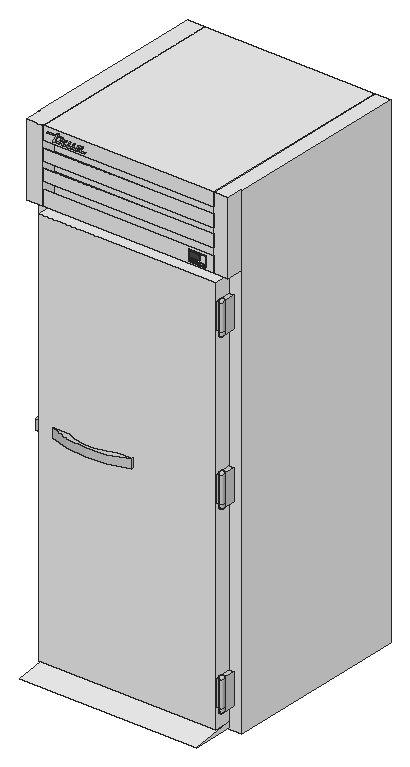
Revit family
Parameters
  Weight in Pounds = 0
  Watts = Volts * FL Amps  # 1023.5 W
  Volts = 115 V
  URL Cutsheet = "www.truemfg.com"
  URL = "www.truemfg.com"
  Type Mark [instance] = ""
  Type Comments = ""
  Status [instance] = ""
  Specification by User [instance] = ""
  Specification by Manufacturer = ""
  Show Logo [instance] = yes
  Show Clearance [instance] = yes
  Serial Number = ""
  Seismic Rating = ""
  SMACNA No = ""
  Revision Code [instance] = ""
  Phase = 1
  Omniclass Number and Title = ""
  Number of Poles [instance] = 1
  NAFEM Spec ID Number = ""
  Model = "STA1RRI-1S"
  Min Ckt Ampacity = 0 A
  Max Overcurrent Protection = 0 A
  Masterspec = ""
  Manufacturer = "TRUE FOOD SERVICE EQUIPMENT, INC."
  Length = 35"
  Item Number [instance] = ""
  Installed By [instance] = ""
  Identify Quantity as Lot [instance] = yes
  Height = 83 3/4"
  HP = "1/3"
  Furnished By [instance] = ""
  Foodservice Equipment Identifier [instance] = yes
  FL Amps = 8.9 A
  Electrical Remarks [instance] = ""
  Electric Connection Type [instance] = ""
  Elec Conn RI Height [instance] = 0"
  Elec Conn Connection Height [instance] = 0"
  Description = "Roll-in Solid Swing Door Refrigerator"
  Depth = 34 3/4"
  Cycle = 60 Hz
  Conn Plug = "5-15P"
  Conn Conduit = yes
  CSI MasterFormat = ""
  CSI Master Format = ""
  Apparent Power = if(Phase = 3, Volts * FL Amps * 1.73, Volts * FL Amps)  # 1023.5 VA
Reference planes (in)
  plane 1 "BACK": y = 0
  plane 2: z = 0
  plane 3 "LEFT": x = 0
  plane 4 "RIGHT": x = 35
  plane 5 "FRONT": y = -34.75
  plane 6 "TOP": z = 83.75
  plane 7: x = 2.84375
  plane 8: y = -34.7042
  plane 9: x = 32.15625
  plane 10: z = 69.90625
Forms (in)
  Extrusion 1, solid, material "QF_Finishes_Chrome - Satin"
    sketch origin (0.05, 0, 0) x (1, 0, 0) y (0, 1, 0)
      loop
        line (-0.05, 0) -> (-0.05, -32) -> (2.87859, -32) -> (2.87859, 0) -> (-0.05, 0)
    from 0 to 83.75
  Extrusion 2, solid, material "QF_Finishes_Chrome - Satin"
    sketch origin (50.15, 0, 0) x (1, 0, 0) y (0, 1, 0)
      loop
        line (-17.85, 0) -> (-17.85, -32) -> (-15.15, -32) -> (-15.15, 0) -> (-17.85, 0)
    from 0 to 83.75
  Extrusion 3, solid, material "QF_Finishes_Chrome - Satin"
    sketch origin (0, 0, 0) x (0, 1, 0) y (0, 0, 1)
      loop
        line (-34.7042, 71.28125) -> (-32, 71.28125) -> (-32, 0) -> (0, 0) -> (0, 83.75) -> (-34.7042, 83.75) -> (-34.7042, 81.46828) -> (-32.5, 79.90102) -> (-32.5, 78.77875) -> (-34.7042, 80.34601) -> (-34.7042, 78.2123) -> (-32.5, 76.64504) -> (-32.5, 75.68428) -> (-34.7042, 77.25154) -> (-34.7042, 75.15534) -> (-32.5, 73.58807) -> (-32.5, 72.3125) -> (-34.7042, 73.87976) -> (-34.7042, 71.28125)
    from 2.92859 to 32.3
  Extrusion 4, solid, material "QF_Finishes_Chrome - Satin"
    sketch origin (0, 0, 0) x (1, 0, 0) y (0, 1, 0)
      loop
        line (34.84782, -32) -> (32.3, -32) -> (32.3, -34.75) -> (34.84782, -34.75) -> (34.84782, -32)
    from 71.28125 to 83.75
  Extrusion 5, solid, material "QF_Finishes_Chrome - Satin"
    sketch origin (-50.125, 0, 0.25) x (1, 0, 0) y (0, 1, 0)
      loop
        line (53.05359, -32) -> (50.24109, -32) -> (50.24109, -34.75) -> (53.05359, -34.75) -> (53.05359, -32)
    from 71.03125 to 83.5
  Extrusion 6, solid, material "QF_Finishes_Chrome - Satin"
    sketch origin (-24.96875, -1, -0.71875) x (1, 0, 0) y (0, 0, 1)
      loop
        line (27.25, 1.71875) -> (57.65625, 1.71875) -> (57.65625, 70.625) -> (27.25, 70.625) -> (27.25, 1.71875)
    from 31 to 33.75
  Extrusion 7, solid, material "QF_Finishes_Handrails and Railings"
    sketch origin (58.625, -0.25, 25.43519) x (1, 0, 0) y (0, 1, 0)
      loop
        line (-53.875, -34.5) -> (-53.875, -34.7)
        arc (-53.875, -34.7) -> (-47.075, -36.14405) -> (-40.275, -34.7) r 16.7325
        line (-40.275, -34.7) -> (-40.275, -34.5) -> (-42.675, -34.5)
        arc (-42.675, -34.5) -> (-47.075, -35.65816) -> (-51.475, -34.5) r 8.93715
        line (-51.475, -34.5) -> (-53.875, -34.5)
    from 10.87731 to 12.37731
  Extrusion 8, solid, material "QF_Finishes_Handrails and Railings"
    sketch origin (-23.375, 0, -3) x (1, 0, 0) y (0, 0, 1)
      loop
        circle (26.4375, 40.0625) r 0.35
      loop
        line (26.47265, 40.33635) -> (26.41715, 40.33635) -> (26.41715, 39.76895) -> (26.47265, 39.76895) -> (26.47265, 40.33635)
    from 33.5 to 33.83066
  Extrusion 9, solid, material "QF_Finishes_Handrails and Railings", visible <- "Show Logo"
    sketch origin (0.33478, 0.06376, 5.01857) x (1, 0, 0) y (0, 0, 1)
      loop
        line (3.46044, 78.08731) -> (3.35478, 77.86073) -> (4.76027, 77.86073)
        arc (4.76027, 77.86073) -> (4.78879, 77.81028) -> (4.76027, 77.75984) r 0.05887
        line (4.76027, 77.75984) -> (4.39369, 76.97372)
        arc (4.39369, 76.97372) -> (4.39051, 76.90091) -> (4.43975, 76.84717) r 0.09523
        line (4.43975, 76.84717) -> (5.33844, 76.84717)
        arc (5.33844, 76.84717) -> (5.45192, 76.88295) -> (5.52436, 76.97735) r 0.19785
        line (5.52436, 76.97735) -> (5.81285, 77.59601) -> (6.0779, 77.59601)
        arc (6.0779, 77.59601) -> (6.14744, 77.57043) -> (6.13737, 77.49703) r 0.05911
        line (6.13737, 77.49703) -> (5.89598, 76.97937)
        arc (5.89598, 76.97937) -> (5.89974, 76.8934) -> (5.97231, 76.84717) r 0.09318
        line (5.97231, 76.84717) -> (6.76198, 76.84717)
        arc (6.76198, 76.84717) -> (6.82249, 76.86919) -> (6.85468, 76.92495) r 0.09412
        arc (6.85468, 76.92495) -> (6.87746, 76.86995) -> (6.93246, 76.84717) r 0.07778
        line (6.93246, 76.84717) -> (7.43246, 76.84717)
        arc (7.43246, 76.84717) -> (7.49022, 76.86265) -> (7.53251, 76.90493) r 0.11552
        arc (7.53251, 76.90493) -> (7.55275, 76.85606) -> (7.60162, 76.83581) r 0.06912
        line (7.60162, 76.83581) -> (8.31225, 76.83581)
        arc (8.31225, 76.83581) -> (8.37034, 76.85988) -> (8.39441, 76.91797) r 0.08216
        arc (8.39441, 76.91797) -> (8.44767, 76.86472) -> (8.52042, 76.84522) r 0.14551
        line (8.52042, 76.84522) -> (9.85158, 76.84522) -> (9.99946, 77.10134) -> (8.65678, 77.10134)
        arc (8.65678, 77.10134) -> (8.61972, 77.12704) -> (8.61834, 77.17211) r 0.05009
        line (8.61834, 77.17211) -> (8.64157, 77.22192)
        arc (8.64157, 77.22192) -> (8.67723, 77.26864) -> (8.73327, 77.28635) r 0.09747
        line (8.73327, 77.28635) -> (9.16485, 77.28635)
        arc (9.16485, 77.28635) -> (9.258, 77.31131) -> (9.32619, 77.3795) r 0.1863
        line (9.32619, 77.3795) -> (9.45119, 77.59601)
        arc (9.45119, 77.59601) -> (9.45119, 77.71157) -> (9.35111, 77.76934) r 0.11556
        line (9.35111, 77.76934) -> (8.89562, 77.76934)
        arc (8.89562, 77.76934) -> (8.7795, 77.74962) -> (8.69849, 77.66412) r 0.18605
        line (8.69849, 77.66412) -> (8.48204, 77.19993)
        arc (8.48204, 77.19993) -> (8.41815, 77.11667) -> (8.31806, 77.08511) r 0.1745
        line (8.31806, 77.08511) -> (7.84559, 77.08511)
        arc (7.84559, 77.08511) -> (7.78903, 77.14684) -> (7.79268, 77.23048) r 0.10939
        line (7.79268, 77.23048) -> (8.04395, 77.76934) -> (7.88403, 77.76934) -> (7.61781, 77.19844)
        arc (7.61781, 77.19844) -> (7.56609, 77.13103) -> (7.48505, 77.10548) r 0.14128
        line (7.48505, 77.10548) -> (7.15925, 77.10548)
        arc (7.15925, 77.10548) -> (7.10419, 77.17723) -> (7.116, 77.26689) r 0.11816
        line (7.116, 77.26689) -> (7.3503, 77.76934) -> (7.18514, 77.76934) -> (6.91546, 77.191)
        arc (6.91546, 77.191) -> (6.85285, 77.12839) -> (6.76733, 77.10548) r 0.17104
        line (6.76733, 77.10548) -> (6.29555, 77.10548)
        arc (6.29555, 77.10548) -> (6.21082, 77.14499) -> (6.20267, 77.23813) r 0.0935
        line (6.20267, 77.23813) -> (6.35774, 77.57069) -> (6.57695, 77.57069)
        arc (6.57695, 77.57069) -> (6.61395, 77.68217) -> (6.69267, 77.76934) r 0.2857
        line (6.69267, 77.76934) -> (5.83605, 77.76934)
        arc (5.83605, 77.76934) -> (5.74086, 77.74824) -> (5.67498, 77.67635) r 0.16212
        line (5.67498, 77.67635) -> (5.44279, 77.17841)
        arc (5.44279, 77.17841) -> (5.3894, 77.12502) -> (5.31647, 77.10548) r 0.14586
        line (5.31647, 77.10548) -> (4.80506, 77.10548)
        arc (4.80506, 77.10548) -> (4.76514, 77.15942) -> (4.77274, 77.22609) r 0.09155
        line (4.77274, 77.22609) -> (5.11018, 77.86073) -> (5.96155, 77.86073) -> (6.06721, 78.08731) -> (5.21584, 78.08731) -> (5.32149, 78.31388) -> (5.01862, 78.31388) -> (4.91297, 78.08731) -> (3.46044, 78.08731)
      loop
        arc (8.83805, 77.56363) -> (8.80119, 77.55375) -> (8.7742, 77.52676) r 0.07373
        line (8.7742, 77.52676) -> (8.75229, 77.45936)
        arc (8.75229, 77.45936) -> (8.76245, 77.43483) -> (8.78699, 77.42466) r 0.0347
        line (8.78699, 77.42466) -> (9.15948, 77.42466)
        arc (9.15948, 77.42466) -> (9.18632, 77.43061) -> (9.20812, 77.44734) r 0.0635
        line (9.20812, 77.44734) -> (9.22624, 77.53122)
        arc (9.22624, 77.53122) -> (9.22091, 77.55368) -> (9.20009, 77.56363) r 0.02676
        line (9.20009, 77.56363) -> (8.83805, 77.56363)
    from 34.76797 to 34.83173
  Extrusion 10, solid, material "QF_Finishes_White"
    sketch origin (-22.74812, 0.0458, -7.91247) x (1, 0, 0) y (0, 0, 1)
      loop
        line (50.81732, 81.35727) -> (50.81732, 79.60996) -> (53.72357, 79.60996) -> (53.72357, 81.35727) -> (50.81732, 81.35727)
    from 34.75 to 34.76797
  Extrusion 11, solid, material "QF_Finishes_Black"
    sketch origin (-22.74812, 0.0458, -7.91247) x (1, 0, 0) y (0, 0, 1)
      loop
        line (53.78607, 81.41977) -> (50.75482, 81.41977) -> (50.75482, 79.54746) -> (53.78607, 79.54746) -> (53.78607, 81.41977)
      loop
        spline (50.95482, 79.87872) -> (50.96333, 79.86254) -> (50.98831, 79.84747) -> (51.02804, 79.83452) -> (51.07982, 79.82459) -> (51.14011, 79.81835) -> (51.20482, 79.81622) -> (51.26952, 79.81835) -> (51.32982, 79.82459) -> (51.38159, 79.83452) -> (51.42132, 79.84747) -> (51.4463, 79.86254) -> (51.45482, 79.87872)
        spline (51.45482, 79.87872) -> (51.4463, 79.89489) -> (51.42132, 79.90997) -> (51.38159, 79.92291) -> (51.32982, 79.93284) -> (51.26952, 79.93909) -> (51.20482, 79.94122) -> (51.14011, 79.93909) -> (51.07982, 79.93284) -> (51.02804, 79.92291) -> (50.98831, 79.90997) -> (50.96333, 79.89489) -> (50.95482, 79.87872)
      loop
        spline (51.65083, 79.87872) -> (51.65935, 79.86254) -> (51.68432, 79.84747) -> (51.72405, 79.83452) -> (51.77583, 79.82459) -> (51.83612, 79.81835) -> (51.90083, 79.81622) -> (51.96553, 79.81835) -> (52.02583, 79.82459) -> (52.07761, 79.83452) -> (52.11734, 79.84747) -> (52.14231, 79.86254) -> (52.15083, 79.87872)
        spline (52.15083, 79.87872) -> (52.14231, 79.89489) -> (52.11734, 79.90997) -> (52.07761, 79.92291) -> (52.02583, 79.93284) -> (51.96553, 79.93909) -> (51.90083, 79.94122) -> (51.83612, 79.93909) -> (51.77583, 79.93284) -> (51.72405, 79.92291) -> (51.68432, 79.90997) -> (51.65935, 79.89489) -> (51.65083, 79.87872)
      loop
        spline (52.40083, 79.87872) -> (52.40935, 79.86254) -> (52.43432, 79.84747) -> (52.47405, 79.83452) -> (52.52583, 79.82459) -> (52.58612, 79.81835) -> (52.65083, 79.81622) -> (52.71553, 79.81835) -> (52.77583, 79.82459) -> (52.82761, 79.83452) -> (52.86734, 79.84747) -> (52.89231, 79.86254) -> (52.90083, 79.87872)
        spline (52.90083, 79.87872) -> (52.89231, 79.89489) -> (52.86734, 79.90997) -> (52.82761, 79.92291) -> (52.77583, 79.93284) -> (52.71553, 79.93909) -> (52.65083, 79.94122) -> (52.58612, 79.93909) -> (52.52583, 79.93284) -> (52.47405, 79.92291) -> (52.43432, 79.90997) -> (52.40935, 79.89489) -> (52.40083, 79.87872)
      loop
        line (50.95481, 81.21978) -> (50.95481, 80.21978) -> (52.65433, 80.21978) -> (52.65433, 81.21978) -> (50.95481, 81.21978)
      loop
        line (53.72357, 81.35727) -> (50.81732, 81.35727) -> (50.81732, 79.60996) -> (53.72357, 79.60996) -> (53.72357, 81.35727)
      loop
        spline (53.15083, 79.87872) -> (53.15935, 79.86254) -> (53.18432, 79.84747) -> (53.22405, 79.83452) -> (53.27583, 79.82459) -> (53.33612, 79.81835) -> (53.40083, 79.81622) -> (53.46553, 79.81835) -> (53.52583, 79.82459) -> (53.57761, 79.83452) -> (53.61734, 79.84747) -> (53.64231, 79.86254) -> (53.65083, 79.87872)
        spline (53.65083, 79.87872) -> (53.64231, 79.89489) -> (53.61734, 79.90997) -> (53.57761, 79.92291) -> (53.52583, 79.93284) -> (53.46553, 79.93909) -> (53.40083, 79.94122) -> (53.33612, 79.93909) -> (53.27583, 79.93284) -> (53.22405, 79.92291) -> (53.18432, 79.90997) -> (53.15935, 79.89489) -> (53.15083, 79.87872)
    from 34.76797 to 34.80335
  Extrusion 12, solid
    sketch origin (-25.125, 0, 0) x (1, 0, 0) y (0, 0, 1)
      loop
        circle (56.875, 81.625) r 0.25
    from 0 to 0.0625
  Blend 13, solid, material "QF_Finishes_Handrails and Railings"
    base sketch origin (27.53125, -1, -1) x (-1, 0, 0) y (0, 0, -1)
      loop
        line (25.25, -38.99169) -> (26, -38.99169) -> (26, -37.24169) -> (25.25, -37.24169) -> (25.25, -38.99169)
    top sketch origin (27.53125, 0, -1) x (-1, 0, 0) y (0, 0, -1)
      loop
        line (26.18223, -36.6441) -> (25.25, -36.6441) -> (25.25, -39.42643) -> (26.18223, -39.42643) -> (26.18223, -36.6441)
    from 33.57883 to 32
  Extrusion 14, solid, material "QF_Finishes_Handrails and Railings"
    sketch origin (33.78125, 0, 3) x (0, 1, 0) y (0, 0, -1)
      loop
        line (-32, -64.17729) -> (-32, -58.86127) -> (-34.25, -58.86127) -> (-34.25, -59.57348) -> (-33.81497, -59.57348) -> (-33.81497, -63.97276)
        arc (-33.81497, -63.97276) -> (-33.75506, -64.11738) -> (-33.61044, -64.17729) r 0.20453
        line (-33.61044, -64.17729) -> (-32, -64.17729)
    from 0.17506 to 1
  Revolve 15, solid, material "QF_Finishes_Handrails and Railings"
    sketch origin (33.28125, 0, 3) x (0, 1, 0) y (0, 0, -1)
      loop
        line (-34.26563, -59.62689) -> (-34.67229, -59.62689) -> (-34.67229, -64.0986)
        arc (-34.67229, -64.0986) -> (-34.53722, -64.35057) -> (-34.26563, -64.43983) r 0.3848
        line (-34.26563, -64.43983) -> (-34.26563, -59.62689)
      loop
        line (-34.26563, -59.57348) -> (-34.26563, -58.67281)
        arc (-34.26563, -58.67281) -> (-34.53264, -58.75883) -> (-34.67229, -59.00212) r 0.38884
        line (-34.67229, -59.00212) -> (-34.67229, -59.57348) -> (-34.26563, -59.57348)
      axis (-34.26563, -58.67281) -> (-34.26563, -64.43983)
    angle from 0 to 360
  Extrusion 16, solid, material "QF_Finishes_Handrails and Railings"
    sketch origin (27.5, -1.07734, 3.0011) x (-1, 0, 0) y (0, 0, -1)
      loop
        line (-5.58509, -64.0986) -> (-5.1875, -64.0986) -> (-5.1875, -59.62579) -> (-5.58509, -59.62579) -> (-5.58509, -64.0986)
    from 32.81497 to 33.59495
  Extrusion 17, solid, material "QF_Finishes_Handrails and Railings"
    sketch origin (33.78125, 0, -24) x (0, 1, 0) y (0, 0, -1)
      loop
        line (-32, -64.55229) -> (-32, -59.23627) -> (-34.25, -59.23627) -> (-34.25, -59.94848) -> (-33.81497, -59.94848) -> (-33.81497, -64.34776)
        arc (-33.81497, -64.34776) -> (-33.75506, -64.49238) -> (-33.61044, -64.55229) r 0.20453
        line (-33.61044, -64.55229) -> (-32, -64.55229)
    from 0.17506 to 1
  Revolve 18, solid, material "QF_Finishes_Handrails and Railings"
    sketch origin (33.28125, 0, -24) x (0, 1, 0) y (0, 0, -1)
      loop
        line (-34.26563, -60.00189) -> (-34.67229, -60.00189) -> (-34.67229, -64.4736)
        arc (-34.67229, -64.4736) -> (-34.53722, -64.72557) -> (-34.26563, -64.81483) r 0.3848
        line (-34.26563, -64.81483) -> (-34.26563, -60.00189)
      loop
        line (-34.26563, -59.94848) -> (-34.26563, -59.04781)
        arc (-34.26563, -59.04781) -> (-34.53264, -59.13383) -> (-34.67229, -59.37712) r 0.38884
        line (-34.67229, -59.37712) -> (-34.67229, -59.94848) -> (-34.26563, -59.94848)
      axis (-34.26563, -59.04781) -> (-34.26563, -64.81483)
    angle from 0 to 360
  Extrusion 19, solid, material "QF_Finishes_Handrails and Railings"
    sketch origin (27.5, -1.07734, -23.9989) x (-1, 0, 0) y (0, 0, -1)
      loop
        line (-5.58509, -64.4736) -> (-5.1875, -64.4736) -> (-5.1875, -60.00079) -> (-5.58509, -60.00079) -> (-5.58509, -64.4736)
    from 32.81497 to 33.59495
  Extrusion 20, solid, material "QF_Finishes_Handrails and Railings"
    sketch origin (33.78125, 0, -55.5) x (0, 1, 0) y (0, 0, -1)
      loop
        line (-32, -64.55229) -> (-32, -59.23627) -> (-34.25, -59.23627) -> (-34.25, -59.94848) -> (-33.81497, -59.94848) -> (-33.81497, -64.34776)
        arc (-33.81497, -64.34776) -> (-33.75506, -64.49238) -> (-33.61044, -64.55229) r 0.20453
        line (-33.61044, -64.55229) -> (-32, -64.55229)
    from 0.17506 to 1
  Revolve 21, solid, material "QF_Finishes_Handrails and Railings"
    sketch origin (33.28125, 0, -55.5) x (0, 1, 0) y (0, 0, -1)
      loop
        line (-34.26563, -60.00189) -> (-34.67229, -60.00189) -> (-34.67229, -64.4736)
        arc (-34.67229, -64.4736) -> (-34.53722, -64.72557) -> (-34.26563, -64.81483) r 0.3848
        line (-34.26563, -64.81483) -> (-34.26563, -60.00189)
      loop
        line (-34.26563, -59.94848) -> (-34.26563, -59.04781)
        arc (-34.26563, -59.04781) -> (-34.53264, -59.13383) -> (-34.67229, -59.37712) r 0.38884
        line (-34.67229, -59.37712) -> (-34.67229, -59.94848) -> (-34.26563, -59.94848)
      axis (-34.26563, -59.04781) -> (-34.26563, -64.81483)
    angle from 0 to 360
  Extrusion 22, solid, material "QF_Finishes_Handrails and Railings"
    sketch origin (27.5, -1.07734, -55.4989) x (-1, 0, 0) y (0, 0, -1)
      loop
        line (-5.58509, -64.4736) -> (-5.1875, -64.4736) -> (-5.1875, -60.00079) -> (-5.58509, -60.00079) -> (-5.58509, -64.4736)
    from 32.81497 to 33.59495
  Extrusion 23, solid, material "QF_Finishes_Door Clearance", visible <- "Show Clearance", detail levels coarse
    sketch origin (26.42841, -3.6098, 0) x (1, 0, 0) y (0, 1, 0)
      loop
        line (6.25909, -31.1402) -> (-24.14716, -31.1402)
        arc (-24.14716, -31.1402) -> (-15.24138, -52.64067) -> (6.25909, -61.54645) r 30.40625
        line (6.25909, -61.54645) -> (6.25909, -31.1402)
    from 1 to 69.90625
  Extrusion 24, solid, material "QF_Finishes_Chrome - Satin"
    sketch origin (32.6875, -1, 8.03125) x (0, 0, 1) y (0, -1, 0)
      loop
        line (-8.03125, 37.875) -> (-8.03125, 31) -> (-7.03125, 31) -> (-8.03125, 37.875)
    from 0 to -30.40625
Cuts and joins
  joined: Extrusion 1, Extrusion 2, Extrusion 4, Extrusion 5
Lines and regions (in)
  symbolic lines
    curve 1: line (0, 0, 0) -> (35, 0, 0)
    curve 2: line (0, -34.75, 0) -> (0, 0, 0)
    curve 3: line (35, -34.75, 0) -> (0, -34.75, 0)
    curve 4: line (35, 0, 0) -> (35, -34.75, 0)
    curve 5: line (35, -32.5, 0) -> (0, -32.5, 0)
    curve 6: arc (15.95746, -34.75, 0) -> (11.55746, -35.90816, 0) -> (7.15746, -34.75, 0) r 8.93715
    curve 7: arc (4.75746, -34.95, 0) -> (11.55746, -36.39405, 0) -> (18.35746, -34.95, 0) r 16.7325
    curve 8: line (4.75746, -34.75, 0) -> (4.75746, -34.95, 0)
    curve 9: line (18.35746, -34.95, 0) -> (18.35746, -34.75, 0)
  symbolic lines, style "QF-Door Swings", visible <- "Show Clearance", detail levels coarse
    curve 10: line (32.6875, -34.75, 0) -> (32.6875, -65.15625, 0)
    curve 11: arc (32.6875, -65.15625, 0) -> (11.18703, -56.25047, 0) -> (2.28125, -34.75, 0) r 30.40625
Dimensions and locks (in)
  "Depth": plane 5 "FRONT" to plane 1 "BACK"
  plane 6 "TOP" to level = 83 3/4"  (x2)
  Extrusion 6 sketch curve to Extrusion 6 sketch curve = 30 13/32"
  Extrusion 6 to plane 1 "BACK" = 34 3/4"
  "Length": plane 3 "LEFT" to plane 4 "RIGHT"
  plane 4 "RIGHT" to plane 3 "LEFT" = 35"
  plane 10 to level = 69 29/32"
  aligned and locked: level to plane 2
Automatic sketch dimensions
  Extrusion 1 sketch curve to plane 3 "LEFT" = 0"
  plane 1 "BACK" to Extrusion 1 sketch curve = 0"
  Extrusion 1 sketch curve to Extrusion 1 sketch curve = 2.92859"
  Extrusion 1 sketch curve to plane 5 "FRONT" = 2 3/4"
  plane 1 "BACK" to Extrusion 2 sketch curve = 0"
  Extrusion 2 sketch curve to plane 4 "RIGHT" = 0"
  Extrusion 2 sketch curve to plane 5 "FRONT" = 2 3/4"
  plane 5 "FRONT" to Extrusion 4 sketch curve = 0"
  Extrusion 4 sketch curve to plane 4 "RIGHT" = 0.15218"
  Extrusion 4 sketch curve to plane 5 "FRONT" = 2 3/4"
  plane 5 "FRONT" to Extrusion 5 sketch curve = 0"
  plane 3 "LEFT" to Extrusion 5 sketch curve = 0.11609"
  Extrusion 5 sketch curve to Extrusion 5 sketch curve = 2 13/16"
  Extrusion 5 sketch curve to plane 5 "FRONT" = 2 3/4"
  plane 5 "FRONT" to Extrusion 7 sketch curve = 0"  (x2)
  Extrusion 7 sketch curve to Extrusion 7 sketch curve = 2.4"  (x2)
  Extrusion 7 sketch curve to Extrusion 7 sketch curve = 4.4"
  Extrusion 7 sketch curve to Extrusion 7 sketch curve = 0"
  Extrusion 7 sketch curve to Extrusion 7 sketch curve = 0.2"
  Extrusion 7 sketch curve to plane 5 "FRONT" = 7.77899"
  Extrusion 7 sketch curve to Extrusion 7 sketch curve = 7.30945"
  Extrusion 8 sketch curve to Extrusion 8 sketch curve = 0.02035"
  Extrusion 8 sketch curve to Extrusion 8 sketch curve = 0.0555"
  Extrusion 8 sketch curve to Extrusion 8 sketch curve = 0.29355"
  Extrusion 8 sketch curve to Extrusion 8 sketch curve = 0.27385"
  plane 3 "LEFT" to Extrusion 9 sketch curve = 3.68957"
  Extrusion 9 sketch curve to Extrusion 9 sketch curve = 0.10565"  (x5)
  Extrusion 9 sketch curve to Extrusion 9 sketch curve = 1.03891"
  Extrusion 9 sketch curve to Extrusion 9 sketch curve = 0.04606"
  Extrusion 9 sketch curve to Extrusion 9 sketch curve = 0.04025"
  Extrusion 9 sketch curve to Extrusion 9 sketch curve = 0.33624"
  Extrusion 9 sketch curve to Extrusion 9 sketch curve = 0.03034"  (x2)
  Extrusion 9 sketch curve to Extrusion 9 sketch curve = 0.29274"
  Extrusion 9 sketch curve to Extrusion 9 sketch curve = 0.03232"
  Extrusion 9 sketch curve to Extrusion 9 sketch curve = 0.08083"
  Extrusion 9 sketch curve to Extrusion 9 sketch curve = 0.1527"
  Extrusion 9 sketch curve to Extrusion 9 sketch curve = 0.19721"
  Extrusion 9 sketch curve to Extrusion 9 sketch curve = 0.4629"
  Extrusion 9 sketch curve to Extrusion 9 sketch curve = 0.02197"
  Extrusion 9 sketch curve to Extrusion 9 sketch curve = 0.12632"
  Extrusion 9 sketch curve to Extrusion 9 sketch curve = 0.18591"
  Extrusion 9 sketch curve to Extrusion 9 sketch curve = 0.2322"
  Extrusion 9 sketch curve to Extrusion 9 sketch curve = 0.13786"
  Extrusion 9 sketch curve to Extrusion 9 sketch curve = 0.00907"
  Extrusion 9 sketch curve to Extrusion 9 sketch curve = 0.01413"
  Extrusion 9 sketch curve to Extrusion 9 sketch curve = 0.37162"
  Extrusion 9 sketch curve to Extrusion 9 sketch curve = 0.12551"
  Extrusion 9 sketch curve to Extrusion 9 sketch curve = 0.07633"
  Extrusion 9 sketch curve to Extrusion 9 sketch curve = 0.08445"
  Extrusion 9 sketch curve to Extrusion 9 sketch curve = 0.25598"
  Extrusion 9 sketch curve to Extrusion 9 sketch curve = 0.01887"
  Extrusion 9 sketch curve to Extrusion 9 sketch curve = 0.04061"
  Extrusion 9 sketch curve to Extrusion 9 sketch curve = 0.0653"
  Extrusion 9 sketch curve to Extrusion 9 sketch curve = 0.08474"
  Extrusion 9 sketch curve to Extrusion 9 sketch curve = 0.00815"
  Extrusion 9 sketch curve to Extrusion 9 sketch curve = 0.22037"
  Extrusion 9 sketch curve to Extrusion 9 sketch curve = 0.21921"
  Extrusion 9 sketch curve to Extrusion 9 sketch curve = 0.11572"
  Extrusion 9 sketch curve to Extrusion 9 sketch curve = 0.46643"
  Extrusion 9 sketch curve to Extrusion 9 sketch curve = 0.00535"
  Extrusion 9 sketch curve to Extrusion 9 sketch curve = 0.09269"
  Extrusion 9 sketch curve to Extrusion 9 sketch curve = 0.09348"
  Extrusion 9 sketch curve to Extrusion 9 sketch curve = 0.14812"
  Extrusion 9 sketch curve to Extrusion 9 sketch curve = 0.07778"  (x3)
  Extrusion 9 sketch curve to Extrusion 9 sketch curve = 0.20054"
  Extrusion 9 sketch curve to Extrusion 9 sketch curve = 0.04325"
  Extrusion 9 sketch curve to Extrusion 9 sketch curve = 0.32433"
  Extrusion 9 sketch curve to Extrusion 9 sketch curve = 0.10233"  (x2)
  Extrusion 9 sketch curve to Extrusion 9 sketch curve = 0.16515"
  Extrusion 9 sketch curve to Extrusion 9 sketch curve = 0.27321"
  Extrusion 9 sketch curve to Extrusion 9 sketch curve = 0.0526"
  Extrusion 9 sketch curve to Extrusion 9 sketch curve = 0.10005"
  Extrusion 9 sketch curve to Extrusion 9 sketch curve = 0.06912"
  Extrusion 9 sketch curve to Extrusion 9 sketch curve = 0.13276"
  Extrusion 9 sketch curve to Extrusion 9 sketch curve = 0.17486"
  Extrusion 9 sketch curve to Extrusion 9 sketch curve = 0.05291"
  Extrusion 9 sketch curve to Extrusion 9 sketch curve = 0.53374"
  Extrusion 9 sketch curve to Extrusion 9 sketch curve = 0.09914"  (x2)
  Extrusion 9 sketch curve to Extrusion 9 sketch curve = 0.15992"
  Extrusion 9 sketch curve to Extrusion 9 sketch curve = 0.46666"
  Extrusion 9 sketch curve to Extrusion 9 sketch curve = 0.00582"
  Extrusion 9 sketch curve to Extrusion 9 sketch curve = 0.08216"
  Extrusion 9 sketch curve to Extrusion 9 sketch curve = 0.16397"
  Extrusion 9 sketch curve to Extrusion 9 sketch curve = 0.12601"
  Extrusion 9 sketch curve to Extrusion 9 sketch curve = 0.1363"
  Extrusion 9 sketch curve to Extrusion 9 sketch curve = 0.02323"
  Extrusion 9 sketch curve to Extrusion 9 sketch curve = 0.03844"
  Extrusion 9 sketch curve to Extrusion 9 sketch curve = 0.0454"
  Extrusion 9 sketch curve to Extrusion 9 sketch curve = 0.05693"
  Extrusion 9 sketch curve to Extrusion 9 sketch curve = 0.0917"
  Extrusion 9 sketch curve to Extrusion 9 sketch curve = 0.01902"
  Extrusion 9 sketch curve to Extrusion 9 sketch curve = 0.02191"
  Extrusion 9 sketch curve to Extrusion 9 sketch curve = 0.0347"
  Extrusion 9 sketch curve to Extrusion 9 sketch curve = 0.06385"
  Extrusion 9 sketch curve to Extrusion 9 sketch curve = 0.02906"
  Extrusion 9 sketch curve to Extrusion 9 sketch curve = 0.02851"
  Extrusion 9 sketch curve to Extrusion 9 sketch curve = 0.29237"
  Extrusion 9 sketch curve to Extrusion 9 sketch curve = 0.00537"
  Extrusion 9 sketch curve to Extrusion 9 sketch curve = 0.0406"
  Extrusion 9 sketch curve to Extrusion 9 sketch curve = 0.04327"
  Extrusion 9 sketch curve to Extrusion 9 sketch curve = 0.02615"
  Extrusion 9 sketch curve to Extrusion 9 sketch curve = 0.11806"
  Extrusion 9 sketch curve to Extrusion 9 sketch curve = 0.15103"
  Extrusion 9 sketch curve to Extrusion 9 sketch curve = 0.10007"
  Extrusion 9 sketch curve to Extrusion 9 sketch curve = 0.5254"
  Extrusion 9 sketch curve to Extrusion 9 sketch curve = 0.14787"
  Extrusion 9 sketch curve to plane 6 "TOP" = 1.89562"
  Extrusion 9 sketch curve to Extrusion 9 sketch curve = 0.07275"
  Extrusion 9 sketch curve to Extrusion 9 sketch curve = 0.05776"
  Extrusion 9 sketch curve to Extrusion 9 sketch curve = 0.08631"
  Extrusion 9 sketch curve to Extrusion 9 sketch curve = 0.09282"
  Extrusion 9 sketch curve to Extrusion 9 sketch curve = 0.13018"
  Extrusion 9 sketch curve to Extrusion 9 sketch curve = 0.16714"
  Extrusion 9 sketch curve to Extrusion 9 sketch curve = 0.11061"
  Extrusion 9 sketch curve to Extrusion 9 sketch curve = 0.06046"
  Extrusion 9 sketch curve to Extrusion 9 sketch curve = 0.16548"
  Extrusion 9 sketch curve to Extrusion 9 sketch curve = 0.14279"
  Extrusion 9 sketch curve to Extrusion 9 sketch curve = 0.0496"
  Extrusion 9 sketch curve to Extrusion 9 sketch curve = 0.07293"
  Extrusion 9 sketch curve to Extrusion 9 sketch curve = 0.07764"
  Extrusion 9 sketch curve to Extrusion 9 sketch curve = 0.03794"
  Extrusion 9 sketch curve to Extrusion 9 sketch curve = 0.08552"
  Extrusion 9 sketch curve to Extrusion 9 sketch curve = 0.09296"
  Extrusion 9 sketch curve to Extrusion 9 sketch curve = 0.09314"
  Extrusion 9 sketch curve to Extrusion 9 sketch curve = 0.02781"
  Extrusion 9 sketch curve to Extrusion 9 sketch curve = 0.04981"
  Extrusion 9 sketch curve to Extrusion 9 sketch curve = 0.09315"
  Extrusion 9 sketch curve to Extrusion 9 sketch curve = 0.04799"
  Extrusion 9 sketch curve to Extrusion 9 sketch curve = 0.02531"
  Extrusion 9 sketch curve to Extrusion 9 sketch curve = 0.03054"
  Extrusion 9 sketch curve to Extrusion 9 sketch curve = 0.2589"
  Extrusion 9 sketch curve to Extrusion 9 sketch curve = 0.0674"
  Extrusion 9 sketch curve to Extrusion 9 sketch curve = 0.0324"
  Extrusion 9 sketch curve to Extrusion 9 sketch curve = 0.26185"
  Extrusion 9 sketch curve to Extrusion 9 sketch curve = 11/256"
  Extrusion 9 sketch curve to Extrusion 9 sketch curve = 0.07366"
  Extrusion 9 sketch curve to Extrusion 9 sketch curve = 0.02187"
  Extrusion 9 sketch curve to Extrusion 9 sketch curve = 0.06479"
  Extrusion 9 sketch curve to Extrusion 9 sketch curve = 0.01183"
  Extrusion 9 sketch curve to Extrusion 9 sketch curve = 0.05778"
  Extrusion 9 sketch curve to Extrusion 9 sketch curve = 0.53375"
  Extrusion 9 sketch curve to Extrusion 9 sketch curve = 0.23098"
  Extrusion 9 sketch curve to Extrusion 9 sketch curve = 0"
  Extrusion 9 sketch curve to Extrusion 9 sketch curve = 0.05045"
  Extrusion 9 sketch curve to Extrusion 9 sketch curve = 0.09139"
  Extrusion 9 sketch curve to Extrusion 9 sketch curve = 29/128"  (x3)
  Extrusion 12 sketch curve to plane 6 "TOP" = 2 1/8"
  Blend 13 sketch curve to Blend 13 sketch curve = 1 3/4"
  Blend 13 sketch curve to Blend 13 sketch curve = 2.78233"
  Extrusion 14 sketch curve to plane 5 "FRONT" = 1/2"
  Extrusion 14 sketch curve to Extrusion 14 sketch curve = 0.43503"
  Extrusion 14 sketch curve to Extrusion 14 sketch curve = 0.20453"
  Extrusion 14 sketch curve to Extrusion 14 sketch curve = 1.61044"
  Extrusion 14 sketch curve to plane 6 "TOP" = 16.57271"
  Extrusion 14 sketch curve to Extrusion 14 sketch curve = 4.39928"
  Extrusion 14 sketch curve to Extrusion 14 sketch curve = 0.71221"
  Revolve 15 sketch curve to plane 5 "FRONT" = 0.07771"  (x2)
  Revolve 15 sketch curve to Revolve 15 sketch curve = 0.38242"
  Revolve 15 sketch curve to Revolve 15 sketch curve = 0.38436"
  Revolve 15 sketch curve to plane 5 "FRONT" = 31/64"
  Revolve 15 sketch curve to Revolve 15 sketch curve = 0.40666"
  Revolve 15 sketch curve to Revolve 15 sketch curve = 0"
  Revolve 15 sketch curve to plane 6 "TOP" = 15.75492"
  Revolve 15 sketch curve to Revolve 15 sketch curve = 0.55526"
  Revolve 15 sketch curve to Revolve 15 sketch curve = 0.19474"
  Revolve 15 sketch curve to Revolve 15 sketch curve = 0.14649"
  Revolve 15 sketch curve to Revolve 15 sketch curve = 4.42889"
  Revolve 15 sketch curve to Revolve 15 sketch curve = 0.05342"
  Revolve 15 sketch curve to Revolve 15 sketch curve = 0.51246"
  Revolve 15 sketch curve to Revolve 15 sketch curve = 0.05889"
  Extrusion 16 sketch curve to Extrusion 16 sketch curve = 0.39759"
  Extrusion 16 sketch curve to plane 6 "TOP" = 16.6503"
  Extrusion 16 sketch curve to Extrusion 16 sketch curve = 4.47281"
  Extrusion 17 sketch curve to plane 5 "FRONT" = 1/2"
  Extrusion 17 sketch curve to Extrusion 17 sketch curve = 0.43503"
  Extrusion 17 sketch curve to Extrusion 17 sketch curve = 0.20453"
  Extrusion 17 sketch curve to Extrusion 17 sketch curve = 1.61044"
  Extrusion 17 sketch curve to Extrusion 17 sketch curve = 4.39928"
  Extrusion 17 sketch curve to Extrusion 17 sketch curve = 0.71221"
  Revolve 18 sketch curve to plane 5 "FRONT" = 0.07771"  (x2)
  Revolve 18 sketch curve to Revolve 18 sketch curve = 0.38242"
  Revolve 18 sketch curve to Revolve 18 sketch curve = 0.38436"
  Revolve 18 sketch curve to plane 5 "FRONT" = 31/64"
  Revolve 18 sketch curve to Revolve 18 sketch curve = 0.40666"
  Revolve 18 sketch curve to Revolve 18 sketch curve = 0"
  Revolve 18 sketch curve to Revolve 18 sketch curve = 0.55526"
  Revolve 18 sketch curve to Revolve 18 sketch curve = 0.19474"
  Revolve 18 sketch curve to Revolve 18 sketch curve = 0.14649"
  Revolve 18 sketch curve to Revolve 18 sketch curve = 4.42889"
  Revolve 18 sketch curve to Revolve 18 sketch curve = 0.05342"
  Revolve 18 sketch curve to Revolve 18 sketch curve = 0.51246"
  Revolve 18 sketch curve to Revolve 18 sketch curve = 0.05889"
  Extrusion 19 sketch curve to Extrusion 19 sketch curve = 0.39759"
  Extrusion 19 sketch curve to Extrusion 19 sketch curve = 4.47281"
  Extrusion 20 sketch curve to plane 5 "FRONT" = 1/2"
  Extrusion 20 sketch curve to Extrusion 20 sketch curve = 0.43503"
  Extrusion 20 sketch curve to Extrusion 20 sketch curve = 0.20453"
  Extrusion 20 sketch curve to Extrusion 20 sketch curve = 1.61044"
  Extrusion 20 sketch curve to Extrusion 20 sketch curve = 0.71221"
  Revolve 21 sketch curve to plane 5 "FRONT" = 0.07771"  (x2)
  Revolve 21 sketch curve to Revolve 21 sketch curve = 0.38242"
  Revolve 21 sketch curve to Revolve 21 sketch curve = 0.38436"
  Revolve 21 sketch curve to plane 5 "FRONT" = 31/64"
  Revolve 21 sketch curve to Revolve 21 sketch curve = 0.40666"
  Revolve 21 sketch curve to Revolve 21 sketch curve = 0"
  Revolve 21 sketch curve to Revolve 21 sketch curve = 0.55526"
  Revolve 21 sketch curve to Revolve 21 sketch curve = 0.19474"
  Revolve 21 sketch curve to Revolve 21 sketch curve = 0.14649"
  Revolve 21 sketch curve to Revolve 21 sketch curve = 0.05342"
  Revolve 21 sketch curve to Revolve 21 sketch curve = 0.51246"
  Revolve 21 sketch curve to Revolve 21 sketch curve = 0.05889"
  Extrusion 22 sketch curve to Extrusion 22 sketch curve = 0.39759"
  Extrusion 3 sketch curve to plane 8 = 0"  (x4)
  Extrusion 3 sketch curve to plane 6 "TOP" = 0"
  plane 8 to Extrusion 3 sketch curve = 2.2042"  (x2)
  Extrusion 3 sketch curve to Extrusion 3 sketch curve = 0"
  Extrusion 3 sketch curve to Extrusion 3 sketch curve = 1/2"
  plane 1 "BACK" to Extrusion 3 sketch curve = 0"
  Extrusion 3 sketch curve to plane 6 "TOP" = 2.28172"
  Extrusion 3 sketch curve to Extrusion 3 sketch curve = 1.12227"  (x2)
  Extrusion 3 sketch curve to Extrusion 3 sketch curve = 0.445"
  Extrusion 3 sketch curve to Extrusion 3 sketch curve = 2.13371"  (x2)
  Extrusion 3 sketch curve to Extrusion 3 sketch curve = 0.96076"  (x2)
  Extrusion 3 sketch curve to Extrusion 3 sketch curve = 2.0962"  (x2)
  Extrusion 3 sketch curve to Extrusion 3 sketch curve = 1.27557"  (x2)
  Extrusion 3 sketch curve to Extrusion 3 sketch curve = 1 1/32"
  Blend 13 sketch curve to Blend 13 sketch curve = 3/4"
  Blend 13 sketch curve to Blend 13 sketch curve = 0.93223"
  Extrusion 2 sketch curve to plane 4 "RIGHT" = 2.7"
  Extrusion 4 sketch curve to Extrusion 4 sketch curve = 2.54782"
  plane 7 to Extrusion 7 sketch curve = 1 29/32"
  plane 7 to Extrusion 8 sketch curve = 0.1984"
  Extrusion 12 sketch curve to plane 4 "RIGHT" = 3 1/4"
  Blend 13 sketch curve to plane 7 = 9/16"
  plane 7 to Blend 13 sketch curve = 9/16"
  Extrusion 16 sketch curve to plane 4 "RIGHT" = 1.91491"
  Extrusion 19 sketch curve to plane 4 "RIGHT" = 1.91491"
  Extrusion 22 sketch curve to plane 4 "RIGHT" = 1.91491"
  Extrusion 11 sketch curve to Extrusion 11 sketch curve = 1/4"  (x4)
  Extrusion 11 sketch curve to Extrusion 11 sketch curve = 0.4965"
  Extrusion 11 sketch curve to Extrusion 11 sketch curve = 0.0035"
  Extrusion 11 sketch curve to Extrusion 11 sketch curve = 1/2"
  Extrusion 11 sketch curve to Extrusion 11 sketch curve = 0.44601"
  Extrusion 11 sketch curve to Extrusion 11 sketch curve = 0"  (x3)
  Extrusion 11 sketch curve to Extrusion 11 sketch curve = 0.1375"  (x2)
  Extrusion 11 sketch curve to Extrusion 11 sketch curve = 1/16"  (x4)
  Extrusion 11 sketch curve to plane 6 "TOP" = 12.11501"
  Extrusion 11 sketch curve to Extrusion 11 sketch curve = 0.26876"  (x2)
  Extrusion 11 sketch curve to Extrusion 11 sketch curve = 0.34106"
  Extrusion 11 sketch curve to plane 6 "TOP" = 10.44269"
  Extrusion 10 sketch curve to plane 6 "TOP" = 10.30519"
  Extrusion 10 sketch curve to Extrusion 10 sketch curve = 1.74732"
  Extrusion 10 sketch curve to plane 4 "RIGHT" = 6.9308"
  Extrusion 10 sketch curve to Extrusion 10 sketch curve = 2 29/32"
  Extrusion 11 sketch curve to plane 4 "RIGHT" = 6.9933"
  Extrusion 11 sketch curve to Extrusion 11 sketch curve = 1.06923"
  Extrusion 6 sketch curve to plane 7 = 9/16"
  Extrusion 6 sketch curve to plane 6 "TOP" = 13 27/32"
  plane 1 "BACK" to curve 1 = 0"
  curve 1 to plane 3 "LEFT" = 0"
  plane 5 "FRONT" to curve 11 = 0"
  curve 3 to plane 4 "RIGHT" = 0"
  curve 11 to plane 7 = 9/16"
  plane 7 to curve 8 = 1.91371"
  curve 8 to curve 6 = 2.4"
  curve 7 to curve 6 = 0"
  curve 6 to curve 9 = 2.4"
  curve 11 to plane 4 "RIGHT" = 2 5/16"
  curve 9 to curve 9 = 0.2"
  curve 5 to plane 5 "FRONT" = 2 1/4"
  curve 6 to curve 7 = 7.30945"
  level to Extrusion 3 sketch curve = 0"
  level to Extrusion 6 sketch curve = 1"
  level to Extrusion 8 sketch curve = 36.76895"
  level to Blend 13 sketch curve = 37.99169"
  Blend 13 sketch curve to level = 35.6441"
  level to Extrusion 17 sketch curve = 40.55229"
  level to Revolve 18 sketch curve = 41.37008"
  level to Extrusion 19 sketch curve = 40.4747"
  level to Extrusion 20 sketch curve = 9.05229"
  Extrusion 20 sketch curve to Extrusion 20 sketch curve = 4.39928"
  level to Revolve 21 sketch curve = 9.87008"
  Revolve 21 sketch curve to Revolve 21 sketch curve = 4.42889"
  level to Extrusion 22 sketch curve = 8.9747"
  Extrusion 22 sketch curve to Extrusion 22 sketch curve = 4.47281"
  Extrusion 24 sketch curve to Extrusion 6 = 0"
  Extrusion 6 to Extrusion 24 sketch curve = 0"
  Extrusion 24 sketch curve to Extrusion 24 sketch curve = 1"
  Extrusion 24 sketch curve to Extrusion 6 = 4 1/8"
  Extrusion 23 sketch curve to plane 7 = 9/16"
  Extrusion 23 sketch curve to plane 9 = 17/32"
  plane 5 "FRONT" to Extrusion 23 sketch curve = 0"
  plane 7 to curve 7 = 8.71371"
  curve 6 to plane 5 "FRONT" = 7.77899"
  radius of Extrusion 8 sketch curve = 0.35"
  radius of Extrusion 12 sketch curve = 1/4"
Connectors (in)
  electrical at (31.75, -0.0625, 81.625), driven by "Volts", driven by "Watts"
    settings: on Extrusion 12, index 1, voltage 115 V, apparent load 1023.5 VA, apparent load phase1 0 VA, apparent load phase2 0 VA, apparent load phase3 0 VA, power factor 1, load classification "Other", number of poles 1, system type 30, power factor state 1, is connector primary yes, connector utility no, sub classification motor no, connector description "Electrical Connection"
